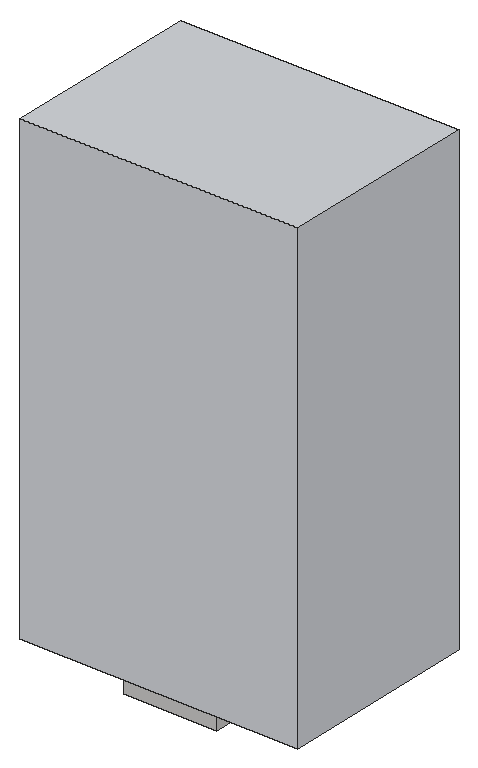
Revit family
Parameters
  Warranty Duration (Years) = 0
  Unit Width [instance] = 0' - 0"
  Unit Height [instance] = 0' - 0"
  Unit Depth = 0' - 0"
  URL = "http://www.americanspecialties.com/viewCategories.cfm"
  Test Data = ""
  Specification = "http://www.arcat.com/sdspecs/htm/10810asi.htm"
  SpecWizard = ""
  Send Message = "http://www.arcat.com/users.pl?action=UserEmail&company=American%20Specialties,%20Inc.&coid=30448&rep=139&fax=914-476-0688&mf="
  Sales Information = "http://www.americanspecialties.com/contact"
  Revision = "R1_10-2010"
  Product Properties = "http://www.americanspecialties.com/datasheets/045224A1.pdf"
  Product Data = "http://www.arcat.com/arcatcos/cos30/arc30448.html"
  Trim Material = Metal - Stainless Steel
  Model = "As Specified in 10 28 13"
  Manufacturer Website = "http://www.americanspecialties.com/viewCategories.cfm"
  Manufacturer Phone - Toll Free = ""
  Manufacturer Phone = "914-476-9000 "
  Manufacturer Fax = "914-476-0688"
  Manufacturer Address = "441 Saw Mill River Rd., Yonkers, NY 10701"
  Manufacturer = "American Specialties, Inc."
  Maintenance Schedule (Months) = 0
  Keynote = "10 28 13"
  Installation-Fabrication = "http://www.americanspecialties.com/products.cfm"
  Green Building-LEED = ""
  Expected Lifespan (Years) = 0
  Drawn By = "Robert S. Weygant. CSI, CDT, SCIP"  # constant formula
  Description = "Toilet Accessory as Specified in 10 28 13"
  Default Elevation = 4' - 0"
  Copyright = "©Arcat Inc."
  Construction Details = "http://www.arcat.com/green/clients/leed_data_30448.html"
  Building Codes = "http://www.americanspecialties.com/products.cfm"
  Body Material = Metal - Stainless Steel
  Assembly Code = "C1030210"
Reference planes (in)
  plane 1 "Center (Front/Back)": y = 1.02138
  plane 2 "Floor Line": z = 0
  plane 3 "Center (Left/Right)": x = -0.65843
  plane 4: x = -9.28343
  plane 5: x = 7.96657
  plane 6: z = 6.25
  plane 7: z = 0
  plane 8: y = -0.29112
  plane 9: y = 14.95888
  plane 10: y = -15.54112
  plane 11: z = -4
  plane 12: z = 6.25
Forms (in)
  Extrusion 1, solid
    sketch origin (-3.62887, -9, -6) x (0, 0, -1) y (1, 0, 0)
      loop
        line (-82, 26) -> (-82, -19.34712) -> (-6, -19.34712) -> (-6, 26) -> (-82, 26)
    from 8.29112 to -24.38084
  Extrusion 2, solid, material "Metal - Stainless Steel" <- "Body Material"
    sketch origin (0, 0, 0) x (1, 0, 0) y (0, 1, 0)
      loop
        line (-9.28343, 14.95888) -> (-9.28343, -15.54112) -> (7.96657, -15.54112) -> (7.96657, 14.95888) -> (-9.28343, 14.95888)
      loop
        line (-8.28343, -14.54112) -> (6.96657, -14.54112) -> (6.96657, 13.95888) -> (-8.28343, 13.95888) -> (-8.28343, -14.54112)
    from 0 to 0.25
  Extrusion 3, solid, material "Metal - Stainless Steel" <- "Body Material"
    sketch origin (0, 1.25, 0) x (1, 0, 0) y (0, 1, 0)
      loop
        line (-8.15843, 12.58388) -> (-8.15843, -0.22862) -> (6.84157, -0.22862) -> (6.84157, 12.58388) -> (-8.15843, 12.58388)
    from 6.22698 to 6.25
  Extrusion 4, solid, material "Metal - Stainless Steel" <- "Body Material"
    sketch origin (0, 0, -10.25) x (1, 0, 0) y (0, 1, 0)
      loop
        line (-8.28343, -14.54112) -> (6.96657, -14.54112) -> (6.96657, 13.95888) -> (-8.28343, 13.95888) -> (-8.28343, -14.54112)
      loop
        line (-8.22093, -14.47862) -> (6.90407, -14.47862) -> (6.90407, 13.89638) -> (-8.22093, 13.89638) -> (-8.22093, -14.47862)
    from 6.25 to 10.25
  Extrusion 5, solid, material "Metal - Stainless Steel" <- "Trim Material"
    sketch origin (0, 0, 6) x (1, 0, 0) y (0, 1, 0)
      loop
        circle (-7.22093, 6.20888) r 0.5
      loop
        line (-7.29666, 6.57741) -> (-7.29666, 5.88237) -> (-7.13348, 5.88237) -> (-7.13348, 6.57741) -> (-7.29666, 6.57741)
    from 0.25 to 0.40332
  Extrusion 6, solid, material "Metal - Stainless Steel" <- "Body Material"
    sketch origin (-0.65843, 1.25, 6.3975) x (0, 1, 0) y (0, 0, 1)
      loop
        line (-0.29112, -1.24866) -> (-2.42991, -1.78192)
        arc (-2.42991, -1.78192) -> (-4.34122, -3.02314) -> (-5.08319, -5.17795) r 3.5
        line (-5.08319, -5.17795) -> (-5.08319, -10.03257) -> (-4.33319, -10.03257) -> (-4.33319, -5.37327)
        arc (-4.33319, -5.37327) -> (-3.69722, -3.52629) -> (-2.05895, -2.46239) r 3
        line (-2.05895, -2.46239) -> (-0.29112, -2.02162) -> (-0.29112, -1.24866)
      loop
        line (9.95677, -10.03257) -> (9.84169, -8.71725)
        arc (9.84169, -8.71725) -> (9.52641, -8.06799) -> (8.97593, -7.60118) r 1.75
        arc (8.97593, -7.60118) -> (4.2663, -6.30118) -> (-0.53765, -7.19153) r 10.88794
        line (-0.53765, -7.19153) -> (-1.54112, -8.195) -> (-1.54112, -10.03257) -> (9.95677, -10.03257)
    from -6.58612 to 6.66597
  Extrusion 7, void
    sketch origin (0, 2, 0) x (0, -1, 0) y (1, 0, 0)
      loop
        arc (2.86426, -4.90843) -> (2.93748, -5.08521) -> (3.11426, -5.15843) r 0.25
        line (3.11426, -5.15843) -> (4.61426, -5.15843)
        arc (4.61426, -5.15843) -> (4.79104, -5.08521) -> (4.86426, -4.90843) r 0.25
        line (4.86426, -4.90843) -> (4.86426, 3.59157)
        arc (4.86426, 3.59157) -> (4.79104, 3.76834) -> (4.61426, 3.84157) r 0.25
        line (4.61426, 3.84157) -> (3.11426, 3.84157)
        arc (3.11426, 3.84157) -> (2.93748, 3.76834) -> (2.86426, 3.59157) r 0.25
        line (2.86426, 3.59157) -> (2.86426, -4.90843)
    from 1.05116 to 5.27184
  Extrusion 8, void
    sketch origin (-43.63679, -33.32909, 0) x (1, 0, 0) y (0, 1, 0)
      loop
        line (35.10336, 47.78797) -> (35.10336, 18.31471) -> (50.85336, 18.31471) -> (50.85336, 47.78797) -> (35.10336, 47.78797)
    from -4 to 0
  Extrusion 9, void
    sketch origin (0, 1.25, 0) x (1, 0, 0) y (0, 1, 0)
      loop
        line (-7.24455, -1.03938) -> (-6.99455, -1.03938) -> (-6.51697, -4.43757)
        arc (-6.51697, -4.43757) -> (-6.26631, -4.89922) -> (-5.77427, -5.08319) r 0.75
        line (-5.77427, -5.08319) -> (4.4574, -5.08319)
        arc (4.4574, -5.08319) -> (4.94944, -4.89922) -> (5.2001, -4.43757) r 0.75
        line (5.2001, -4.43757) -> (5.67768, -1.03938) -> (5.92768, -1.03938) -> (5.92768, 0.21062)
        arc (5.92768, 0.21062) -> (5.77927, 4.46062) -> (5.33475, 8.68991) r 60.92624
        line (5.33475, 8.68991) -> (5.08475, 8.68991) -> (4.91245, 9.7778)
        arc (4.91245, 9.7778) -> (4.82789, 9.92879) -> (4.66553, 9.98869) r 0.25
        line (4.66553, 9.98869) -> (-5.98239, 9.98869)
        arc (-5.98239, 9.98869) -> (-6.14476, 9.92879) -> (-6.22932, 9.7778) r 0.25
        line (-6.22932, 9.7778) -> (-6.40162, 8.68991) -> (-6.65162, 8.68991)
        arc (-6.65162, 8.68991) -> (-7.09614, 4.46062) -> (-7.24455, 0.21062) r 60.92624
        line (-7.24455, 0.21062) -> (-7.24455, -1.03938)
      loop
        line (-8.00632, 10.38832) -> (-8.00632, -5.36168) -> (6.49368, -5.36168) -> (6.49368, 10.38832) -> (-8.00632, 10.38832)
    from -3.63507 to 5.92117
  Extrusion 10, solid, material "Metal - Stainless Steel" <- "Body Material"
    sketch origin (0, 0, 0) x (1, 0, 0) y (0, 1, 0)
      loop
        line (-8.28343, 0.95888) -> (6.96657, 0.95888) -> (6.96657, 13.95888) -> (-8.28343, 13.95888) -> (-8.28343, 0.95888)
      loop
        line (-8.15843, 13.83388) -> (-8.15843, 1.02138) -> (6.84157, 1.02138) -> (6.84157, 13.83388) -> (-8.15843, 13.83388)
    from 0 to 6.25
  Extrusion 11, solid, material "Metal - Stainless Steel" <- "Body Material"
    sketch origin (0, 0, 0) x (1, 0, 0) y (0, 1, 0)
      loop
        line (-7.74724, -4.21087) -> (6.43037, -4.21087) -> (6.43037, 12.28913) -> (-7.74724, 12.28913) -> (-7.74724, -4.21087)
    from -4 to -3.63507
Cuts and joins
  Extrusion 7, Extrusion 9 cuts Extrusion 2
  Extrusion 7, Extrusion 9 cuts Extrusion 6
  joined: Extrusion 6, Extrusion 11
  Extrusion 7, Extrusion 9 cuts Extrusion 4
Dimensions and locks (in)
  aligned and locked: plane 4 to Extrusion 2 sketch curve
  aligned and locked: Extrusion 2 sketch curve to plane 5
  aligned and locked: Extrusion 2 to level
  aligned and locked: plane 6 to Extrusion 3
  aligned and locked: plane 9 to Extrusion 2 sketch curve
  aligned and locked: plane 10 to Extrusion 2 sketch curve
  aligned and locked: Extrusion 9 to cut or joined group of Extrusion 6, Extrusion 7, Extrusion 9, Extrusion 11
  aligned and locked: cut or joined group of Extrusion 2, Extrusion 7, Extrusion 9 to Extrusion 10 sketch curve
  aligned and locked: Extrusion 10 sketch curve to cut or joined group of Extrusion 2, Extrusion 7, Extrusion 9  (x2)
  aligned and locked: plane 12 to Extrusion 10
  aligned and locked: Extrusion 3 to Extrusion 5
